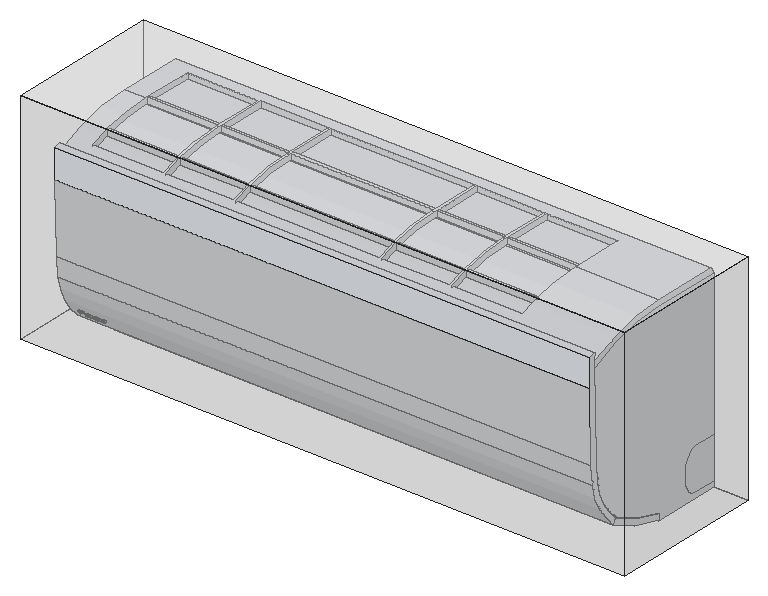
Revit family "outputfile", category 機械設備, Revit 2024
Family settings
  丸型コネクタ寸法 = 半径を使用
  パーツ タイプ = 標準
  OmniClass 番号 = 23.75.10.24.21.27.27
  OmniClass タイトル = Split System Air Conditioning Units
  作業面ベース = いいえ
  常に垂直 = はい
  ロード時にボイドで切り取り = いいえ
  注釈の向きを維持 = いいえ
  共有 = いいえ
  部屋計算ポイント = いいえ
Parameters (values of type "FTKQ35TVM")
  Description = ""
  書き出し IFC クラス(タイプ) = "IfcUnitaryEquipmentType"
  定義済み IFC タイプ(タイプ) = "AIRCONDITIONINGUNIT"
  Cost = 0
  Type Comments = ""
  Keynote = ""
  Type Image = (empty or 0)
  Assembly Code = ""
  w_wall hole = if(Width = 770.0 mm, 48.0 mm, 60.0 mm)  # 48.0 mm
  製造元 = "Daikin"
  モデル = "FTKQ35TVM"
  switch_frequency = yes
  r_Liquid Pipe Size = Liquid Pipe Size / 2  # 3.2 mm
  r_Gas Pipe Size = Gas Pipe Size / 2  # 4.75 mm
  r_Drain Pipe Size = Drain Pipe Size / 2  # 8.0 mm
  lw_powersupply [instance] = if(Width = 770.0 mm, if(or(Rear Right Connection_refrigerant, Bottom Right Connection_refrigerant), 25.0 mm, if(or(Rear Left Connection_refrigerant, Bottom Left Connection_refrigerant), 745.0 mm, 400.0 mm)), if(Width = 990.0 mm, if(or(Rear Right Connection_refrigerant, Bottom Right Connection_refrigerant), 40.0 mm, if(or(Rear Left Connection_refrigerant, Bottom Left Connection_refrigerant), 920.0 mm, 400.0 mm)), if(or(Rear Right Connection_refrigerant, Bottom Right Connection_refrigerant), 40.0 mm, if(or(Rear Left Connection_refrigerant, Bottom Left Connection_refrigerant), 920.0 mm, 400.0 mm))))  # 400.0 mm
  lw_liquidpipe [instance] = if(Width = 770.0 mm, if(or(Rear Right Connection_refrigerant, Bottom Right Connection_refrigerant), 0.0 mm, if(or(Rear Left Connection_refrigerant, Bottom Left Connection_refrigerant), 664.0 mm, 385.0 mm)), if(Width = 990.0 mm, if(or(Rear Right Connection_refrigerant, Bottom Right Connection_refrigerant), 0.0 mm, if(or(Rear Left Connection_refrigerant, Bottom Left Connection_refrigerant), 664.0 mm + (990.0 mm - 770.0 mm), 475.0 mm)), if(or(Rear Right Connection_refrigerant, Bottom Right Connection_refrigerant), 0.0 mm, if(or(Rear Left Connection_refrigerant, Bottom Left Connection_refrigerant), 664.0 mm + (990.0 mm - 770.0 mm), 475.0 mm))))  # 385.0 mm
  lw_gaspipe [instance] = if(Width = 770.0 mm, if(or(Rear Right Connection_refrigerant, Bottom Right Connection_refrigerant), 0.0 mm, if(or(Rear Left Connection_refrigerant, Bottom Left Connection_refrigerant), 675.0 mm, if(Gas Pipe Size = 12.7 mm, 345.0 mm, 335.0 mm))), if(Width = 990.0 mm, if(or(Rear Right Connection_refrigerant, Bottom Right Connection_refrigerant), 10.0 mm, if(or(Rear Left Connection_refrigerant, Bottom Left Connection_refrigerant), 890.0 mm, if(Gas Pipe Size = 15.9 mm, 410.0 mm, 400.0 mm))), if(or(Rear Right Connection_refrigerant, Bottom Right Connection_refrigerant), 10.0 mm, if(or(Rear Left Connection_refrigerant, Bottom Left Connection_refrigerant), 890.0 mm, if(Gas Pipe Size = 15.9 mm, 410.0 mm, 400.0 mm)))))  # 335.0 mm
  lw_drainpipe [instance] = if(Width = 770.0 mm, if(or(Rear Right Connection_refrigerant, Bottom Right Connection_refrigerant), 0.0 mm, if(or(Rear Left Connection_refrigerant, Bottom Left Connection_refrigerant), 770.0 mm - 48.0 mm - 48.0 mm, 440.0 mm)), if(Width = 990.0 mm, if(or(Rear Right Connection_refrigerant, Bottom Right Connection_refrigerant), 0.0 mm, if(or(Rear Left Connection_refrigerant, Bottom Left Connection_refrigerant), 675.0 mm + (990.0 mm - 770.0 mm), 435.0 mm)), if(or(Rear Right Connection_refrigerant, Bottom Right Connection_refrigerant), 0.0 mm, if(or(Rear Left Connection_refrigerant, Bottom Left Connection_refrigerant), 675.0 mm + (990.0 mm - 770.0 mm), 435.0 mm))))  # 440.0 mm
  l_powersupply_length [instance] = if(Width = 770.0 mm, if(Right Connection_refrigerant, 400.0 mm, if(Left Connection_refrigerant, 770.0 mm - 400.0 mm, if(or(Rear Left Connection_refrigerant, Rear Right Connection_refrigerant), 15.0 mm, 40.0 mm))), if(Width = 990.0 mm, if(Right Connection_refrigerant, 400.0 mm, if(Left Connection_refrigerant, 990.0 mm - 400.0 mm, if(or(Rear Left Connection_refrigerant, Rear Right Connection_refrigerant), 15.0 mm, 40.0 mm))), if(Right Connection_refrigerant, 400.0 mm, if(Left Connection_refrigerant, 990.0 mm - 400.0 mm, if(or(Rear Left Connection_refrigerant, Rear Right Connection_refrigerant), 15.0 mm, 40.0 mm)))))  # 400.0 mm
  l_liquidpipe_length [instance] = if(Width = 770.0 mm, if(Right Connection_refrigerant, 433.0 mm, if(Left Connection_refrigerant, 337.0 mm, if(or(Rear Left Connection_refrigerant, Rear Right Connection_refrigerant), 30.0 mm, 50.0 mm))), if(Width = 990.0 mm, if(Right Connection_refrigerant, 535.0 mm, if(Left Connection_refrigerant, 455.0 mm, if(or(Rear Left Connection_refrigerant, Rear Right Connection_refrigerant), 30.0 mm, 50.0 mm))), if(Right Connection_refrigerant, 535.0 mm, if(Left Connection_refrigerant, 455.0 mm, if(or(Rear Left Connection_refrigerant, Rear Right Connection_refrigerant), 30.0 mm, 50.0 mm)))))  # 433.0 mm
  l_gaspipe_length [instance] = if(Width = 770.0 mm, if(Right Connection_refrigerant, if(Gas Pipe Size = 12.7 mm, 393.0 mm, 383.0 mm), if(Left Connection_refrigerant, if(Gas Pipe Size = 12.7 mm, 770.0 mm - 393.0 mm, 770.0 mm - 383.0 mm), if(or(Rear Left Connection_refrigerant, Rear Right Connection_refrigerant), 40.0 mm, 40.0 mm))), if(Width = 990.0 mm, if(Right Connection_refrigerant, if(Gas Pipe Size = 15.9 mm, 470.0 mm, 460.0 mm), if(Left Connection_refrigerant, if(Gas Pipe Size = 15.9 mm, 990.0 mm - 470.0 mm, 990.0 mm - 460.0 mm), if(or(Rear Left Connection_refrigerant, Rear Right Connection_refrigerant), 40.0 mm, 40.0 mm))), if(Right Connection_refrigerant, if(Gas Pipe Size = 15.9 mm, 460.0 mm, 460.0 mm), if(Left Connection_refrigerant, if(Gas Pipe Size = 15.9 mm, 990.0 mm - 460.0 mm, 990.0 mm - 460.0 mm), if(or(Rear Left Connection_refrigerant, Rear Right Connection_refrigerant), 40.0 mm, 40.0 mm)))))  # 383.0 mm
  l_drainpipe_length [instance] = if(Width = 770.0 mm, if(Right Connection_refrigerant, 488.0 mm, if(Left Connection_refrigerant, 282.0 mm, if(or(Rear Left Connection_refrigerant, Rear Right Connection_refrigerant), 15.0 mm, 20.0 mm))), if(Width = 990.0 mm, if(Right Connection_refrigerant, 495.0 mm, if(Left Connection_refrigerant, 495.0 mm, if(or(Rear Left Connection_refrigerant, Rear Right Connection_refrigerant), 15.0 mm, 20.0 mm))), if(Right Connection_refrigerant, 495.0 mm, if(Left Connection_refrigerant, 495.0 mm, if(or(Rear Left Connection_refrigerant, Rear Right Connection_refrigerant), 15.0 mm, 20.0 mm)))))  # 488.0 mm
  h*** = 0.0 mm  # constant formula
  connector_voltage = Voltage_50Hz  # 230 V
  connector_powerinput = [Power Input (Cooling)]  # 1.200 kW
  connector_phase = Phase_50Hz  # 1
  angle_vertical [instance] = if(or(Bottom Left Connection_refrigerant, Bottom Right Connection_refrigerant), 0.00°, 90.00°)  # 90.00°
  angle_horizontal [instance] = if(Right Connection_refrigerant, 90.00°, if(Left Connection_refrigerant, -90.00°, if(or(Rear Left Connection_refrigerant, Rear Right Connection_refrigerant), 180.00°, 0.00°)))  # 90.00°
  Width = 770.0 mm
  Voltage_comment_60Hz = "220-230"
  Voltage_comment_50Hz = "220 - 240"
  Voltage_60Hz = 220 V
  Voltage_50Hz = 230 V
  Version = "ver.1.0"
  Unit Type = "Wall Mounted"
  Unit Mass Weight = 8.00 kg
  Unit Designation [instance] = ""
  Uniclass2015Version = "Products v1.30"
  Uniclass2015Title = "Split coil room air conditioning units"
  Uniclass2015Code = "Pr_70_65_03_86"
  URL = ""
  Total Cooling Capacity [instance] = 0.000 kW
  Sound Pressure Level_M speed (dBA) = 33
  Sound Pressure Level_L speed (dBA) = 28
  Sound Pressure Level_H speed (dBA) = 37
  Sound Power Level_H speed (dB) = 0
  Series = "Single Split_Fan Coil Unit"
  Sensible Cooling Capacity [instance] = 0.000 kW
  Refrigerant Type = "R32"
  Power Input (Cooling) = 1.200 kW
  Phase_60Hz = 1
  Phase_50Hz = 1
  Option Accessory 3 [instance] = ""
  Option Accessory 2 [instance] = ""
  Option Accessory 1 [instance] = ""
  Nominal Cooling Capacity = 3.500 kW
  Minimum Circuit Amps_60Hz = 0.0 A
  Minimum Circuit Amps_50Hz = 0.0 A
  Minimum Airflow = 402.00 m³/h
  Median Airflow = 486.00 m³/h
  Maximum Fuse Amps_60Hz = 0.0 A
  Maximum Fuse Amps_50Hz = 0.0 A
  Maximum Airflow = 576.00 m³/h
  Material_Casing = DAIKIN_ShinyWhite_Casing_indoorunit
  Load Classification = HVAC
  Liquid Pipe Size = 6.4 mm
  Link_Nested Family [instance] = ""
  IfcVersion = ""
  IfcExportType = "AIRCONDITIONINGUNIT"
  IfcExportAs = "IfcUnitaryEquipmentType"
  Height = 285.0 mm
  Heat Exchanger Type = "Cross Fin Coil"
  Gas Pipe Size = 9.5 mm
  Frequency_60Hz = 60 Hz
  Frequency_50Hz = 50 Hz
  Fan Type = "Cross Flow Fan"
  Fan Drive = "-"
  FCU Tag No. [instance] = ""
  Drain Pipe Size = 16.0 mm
  Design Supply Airflow [instance] = 0.00 m³/h
  Depth = 223.0 mm
  既定の高さ = 0.0 mm
  Cooling Entering Wet Bulb Temperature [instance] = 0.00 °C
  Cooling Entering Dry Bulb Temperature [instance] = 0.00 °C
  Cooling Ambient Wet Bulb Temperature [instance] = 0.00 °C
  Cooling Ambient Dry Bulb Temperature [instance] = 0.00 °C
  Clearance visibility [instance] = yes
  Clearance Top = 30.0 mm
  Clearance Right = 50.0 mm
  Clearance Rear = 0.0 mm
  Clearance Left = 50.0 mm
  Clearance Front = 0.0 mm
  Clearance Bottom = 0.0 mm
  Bottom Right Connection_refrigerant [instance] = no
  Bottom Left Connection_refrigerant [instance] = no
  Rear Right Connection_refrigerant [instance] = no
  Rear Left Connection_refrigerant [instance] = no
  Right Connection_refrigerant [instance] = yes
  Left Connection_refrigerant [instance] = no
Reference planes
  plane 1 "Back": y = 0
  plane 2: z = 0
  plane 3 "Center (Left/Right)": x = 0
  plane 4 "Center (Front/Back)": y = -111.5
  plane 5 "Front": y = -223
  plane 6 "Left": x = -385
  plane 7 "Right": x = 385
  plane 8 "Top": z = 0
  plane 9 "Bottom": z = -285
  plane 10: x = -435
  plane 11: x = 435
  plane 12: y = 0
  plane 13: y = -223
  plane 14: z = 30
  plane 15: z = -285
  plane 16 "lw_Piping and Wiring intake": x = 337
  plane 17 "lw_gaspipe": x = 2
  plane 18 "lw_liquidpipe": x = -48
  plane 19 "lw_drainpipe": x = -103
  plane 20 "lh_drainpipe": z = -265
  plane 21 "lh_liquidpipe": z = -235
  plane 22 "lh_gaspipe": z = -245
  plane 23 "ld_drainpipe": y = -15
  plane 24 "ld_liquidpipe": y = -30
  plane 25 "ld_gaspipe": y = -40
  plane 26 "lw_powersupply": x = -15
Dimensions and locks
  equal spacing: plane 6 "Left", plane 3 "Center (Left/Right)", plane 7 "Right"
  "Width": plane 6 "Left" to plane 7 "Right"
  equal spacing: plane 5 "Front", plane 4 "Center (Front/Back)", plane 1 "Back"
  "Depth": plane 5 "Front" to plane 1 "Back"
  "Height": plane 8 "Top" to plane 9 "Bottom"
  "Clearance Rear": plane 12 to plane 1 "Back"
  "Clearance Front": plane 13 to plane 5 "Front"
  "Clearance Top": plane 14 to plane 8 "Top"
  "Clearance Bottom": plane 9 "Bottom" to plane 15
  "w_wall hole": plane 16 "lw_Piping and Wiring intake" to plane 7 "Right"
  "lw_gaspipe": plane 17 "lw_gaspipe" to plane 16 "lw_Piping and Wiring intake"
  "lw_liquidpipe": plane 18 "lw_liquidpipe" to plane 16 "lw_Piping and Wiring intake"
  "lw_drainpipe": plane 19 "lw_drainpipe" to plane 16 "lw_Piping and Wiring intake"
  locked: plane 20 "lh_drainpipe" to plane 9 "Bottom" at 20
  locked: plane 21 "lh_liquidpipe" to plane 9 "Bottom" at 50
  locked: plane 22 "lh_gaspipe" to plane 9 "Bottom" at 40
  locked: plane 23 "ld_drainpipe" to plane 1 "Back" at 15
  locked: plane 1 "Back" to plane 24 "ld_liquidpipe" at 30
  locked: plane 1 "Back" to plane 25 "ld_gaspipe" at 40
  "lw_powersupply": plane 26 "lw_powersupply" to plane 7 "Right"
  "Clearance Left": plane 10 to plane 6 "Left"
  "Clearance Right": plane 7 "Right" to plane 11
  aligned and locked: level to plane 2
  aligned and locked: plane 12 to nested 1
  aligned and locked: nested 1 to plane 13
  aligned and locked: plane 10 to nested 1
  aligned and locked: plane 11 to nested 1
  aligned and locked: plane 15 to nested 1
  aligned and locked: plane 14 to nested 1
  aligned and locked: plane 17 "lw_gaspipe" to nested 2
  aligned and locked: nested 2 to plane 25 "ld_gaspipe"
  aligned and locked: plane 18 "lw_liquidpipe" to nested 3
  aligned and locked: nested 3 to plane 24 "ld_liquidpipe"
  aligned and locked: plane 19 "lw_drainpipe" to nested 4
  aligned and locked: nested 4 to plane 23 "ld_drainpipe"
  aligned and locked: nested 5 to plane 23 "ld_drainpipe"
  aligned and locked: plane 26 "lw_powersupply" to nested 5
  aligned and locked: level to plane 8 "Top"
  aligned and locked: plane 3 "Center (Left/Right)" to nested 6
  aligned and locked: plane 1 "Back" to nested 6
  aligned and locked: plane 8 "Top" to nested 6
Nested families
  nested 1: "daikin_clearancespace" at (0, -111.5, -127.381), show <- "Clearance visibility", visible <- "Clearance visibility", Link_Nested Family <- "Link_Nested Family", type "daikin_clearancespace"
    with width 870.0 mm, show yes, height 315.0 mm, depth 223.0 mm, Link_Nested Family ""
  nested 2: "daikin_connector_rotate3" at (2, -40, -245), angle_vertical <- "angle_vertical", angle_horizontal <- "angle_horizontal", length <- "l_gaspipe_length", radius <- "r_Gas Pipe Size", type "daikin_connector_rotate3"
    with show no, radius 4.75 mm, length 383.0 mm, angle_vertical 90.00°, angle_horizontal 90.00°
  nested 3: "daikin_connector_rotate3" at (-48, -30, -235), angle_vertical <- "angle_vertical", angle_horizontal <- "angle_horizontal", radius <- "r_Liquid Pipe Size", length <- "l_liquidpipe_length", type "daikin_connector_rotate3"
    with show no, radius 3.2 mm, length 433.0 mm, angle_vertical 90.00°, angle_horizontal 90.00°
  nested 4: "daikin_connector_rotate3" at (-103, -15, -265), angle_vertical <- "angle_vertical", angle_horizontal <- "angle_horizontal", length <- "l_drainpipe_length", radius <- "r_Drain Pipe Size", type "daikin_connector_rotate3"
    with show no, radius 8.0 mm, length 488.0 mm, angle_vertical 90.00°, angle_horizontal 90.00°
  nested 5: "daikin_connector_rotate3" at (-15, -15, -245), angle_vertical <- "angle_vertical", angle_horizontal <- "angle_horizontal", length <- "l_powersupply_length", type "daikin_connector_rotate3"
    with show no, radius 10.0 mm, length 400.0 mm, angle_vertical 90.00°, angle_horizontal 90.00°
  nested 6: "DAIKIN_indoorunit_FTKQ-TVM" at (-31, 0, 0), type "FTKQ-TVM"
    with Width=990 no, Width=770 yes, Width 770.0 mm, WALL HOLE-R 48.0 mm, WALL HOLE Size 65.0 mm, Height 285.0 mm
Connectors
  piping at (385, -40, -245), diameter 9.5, driven by "r_Gas Pipe Size"
    settings: on nested 2, index 1, connector inside diameter 609.6 mm, connector length 0.0 mm, flow factor 0, pipe flow 0.00 m³/h, pressure drop 0.0 Pa, fitting loss kfactor 0, connector angle 0.00°, fixture units 0, engagement length 0.0 mm, angle of deflection 0.00°, flow configuration 1, flow direction 2, fitting loss method 0, system type 29, joint type 0, gender type 0, connector reference index -1, connector utility 0, adjustable connector no, is connector primary yes, connector description "Refrigerant Gas Piping"
  piping at (385, -30, -235), diameter 6.4, driven by "r_Liquid Pipe Size"
    settings: on nested 3, index 2, connector inside diameter 609.6 mm, connector length 0.0 mm, flow factor 0, pipe flow 0.00 m³/h, pressure drop 0.0 Pa, fitting loss kfactor 0, connector angle 0.00°, fixture units 0, engagement length 0.0 mm, angle of deflection 0.00°, flow configuration 1, flow direction 1, fitting loss method 0, system type 29, joint type 0, gender type 0, connector reference index -1, connector utility 0, adjustable connector no, is connector primary no, connector description "Refrigerant Liquid Piping"
  piping at (385, -15, -265), diameter 16, driven by "r_Drain Pipe Size"
    settings: on nested 4, index 3, connector inside diameter 609.6 mm, connector length 0.0 mm, flow factor 0, pipe flow 0.00 m³/h, pressure drop 0.0 Pa, fitting loss kfactor 0, connector angle 0.00°, fixture units 0, engagement length 0.0 mm, angle of deflection 0.00°, flow configuration 1, flow direction 2, fitting loss method 4, system type 16, joint type 0, gender type 0, connector reference index -1, connector utility 0, adjustable connector no, is connector primary no, connector description "Condensate Drain Piping"
  electrical at (385, -15, -245), driven by "Load Classification", driven by "connector_voltage", driven by "connector_phase", driven by "connector_powerinput"
    settings: on nested 5, index 4, voltage 230 V, apparent load 1200 VA, apparent load phase1 0 VA, apparent load phase2 0 VA, apparent load phase3 0 VA, power factor 1, load classification "HVAC", number of poles 1, system type 30, power factor state 1, is connector primary yes, connector utility no, sub classification motor no, connector description "Power Supply"
Definition of nested family "daikin_clearancespace"
  Parameters (values of type "daikin_clearancespace")
    Description = "daikin_clearancespace"
    width [instance] = 1823.963 mm
    show [instance] = yes
    material = none
    height [instance] = 1359.762 mm
    depth [instance] = 880.0 mm
    Default Elevation = 0.0 mm
    Link_Nested Family [instance] = ""
  Reference planes
    plane 1 "Center (Front/Back)": y = 0
    plane 2 "Center (Elevation)": z = -0.119
    plane 3 "Center (Left/Right)": x = 0
    plane 4: y = 440
    plane 5: y = -440
    plane 6 "Right": x = 911.982
    plane 7 "Left": x = -911.982
    plane 8 "Top": z = 679.762
    plane 9 "Bottom": z = -680
  Forms (mm)
    Extrusion 1, solid, material <- "material", visible <- "show"
      sketch origin (0, 0, 0) x (1, 0, 0) y (0, 1, 0)
        loop
          line (-911.982, 440) -> (-911.982, -440) -> (911.982, -440) -> (911.982, 440) -> (-911.982, 440)
      from -680 to 679.762
  Lines and regions (mm)
    symbolic lines, visible <- "show"
      curve 1: line (911.982, 440, 0) -> (-911.982, 440, 0)
      curve 2: line (-911.982, 440, 0) -> (-911.982, -440, 0)
      curve 3: line (-911.982, -440, 0) -> (911.982, -440, 0)
      curve 4: line (911.982, -440, 0) -> (911.982, 440, 0)
      curve 5: line (911.982, 0, 679.762) -> (-911.982, 0, 679.762)
      curve 6: line (911.982, 0, -680) -> (911.982, 0, 679.762)
      curve 7: line (-911.982, 0, -680) -> (911.982, 0, -680)
      curve 8: line (-911.982, 0, 679.762) -> (-911.982, 0, -680)
      curve 9: line (0, 440, 679.762) -> (0, -440, 679.762)
      curve 10: line (0, -440, 679.762) -> (0, -440, -680)
      curve 11: line (0, 440, -680) -> (0, 440, 679.762)
      curve 12: line (0, -440, -680) -> (0, 440, -680)
  Dimensions and locks
    "width": plane 7 "Left" to plane 6 "Right"
    "depth": plane 4 to plane 5
    "height": plane 8 "Top" to plane 9 "Bottom"
    equal spacing: plane 7 "Left", plane 3 "Center (Left/Right)", plane 6 "Right"
    equal spacing: plane 4, plane 1 "Center (Front/Back)", plane 5
    equal spacing: plane 8 "Top", plane 2 "Center (Elevation)", plane 9 "Bottom"
    aligned and locked: level to plane 2 "Center (Elevation)"
    aligned and locked: Extrusion 1 sketch curve to plane 4
    aligned and locked: plane 7 "Left" to Extrusion 1 sketch curve
    aligned and locked: Extrusion 1 sketch curve to plane 5
    aligned and locked: Extrusion 1 sketch curve to plane 6 "Right"
    aligned and locked: plane 8 "Top" to Extrusion 1
    aligned and locked: curve 1 to Extrusion 1
    aligned and locked: curve 2 to Extrusion 1
    aligned and locked: curve 3 to Extrusion 1
    aligned and locked: curve 4 to Extrusion 1
    aligned and locked: curve 5 to Extrusion 1
    aligned and locked: curve 6 to Extrusion 1
    aligned and locked: curve 7 to Extrusion 1
    aligned and locked: curve 8 to Extrusion 1
    aligned and locked: curve 9 to Extrusion 1
    aligned and locked: curve 10 to Extrusion 1
    aligned and locked: curve 11 to Extrusion 1
    aligned and locked: curve 12 to Extrusion 1
    aligned and locked: Extrusion 1 to plane 9 "Bottom"
Definition of nested family "DAIKIN_indoorunit_FTKQ-TVM"
  Parameters (values of type "FTKF-TVMA")
    Width=990 = Width = 990.0 mm  # yes
    Width=770 = Width = 770.0 mm  # no
    Width = 990.0 mm
    WALL HOLE-R = if(Width = 770.0 mm, 48.0 mm, 60.0 mm)  # 60.0 mm
    WALL HOLE Size = if(Width = 770.0 mm, 65.0 mm, 80.0 mm)  # 80.0 mm
    Material_Casing = none
    Height = if(Width = 770.0 mm, 285.0 mm, 295.0 mm)  # 295.0 mm
    Default Elevation = 0.0 mm
  Reference planes
    plane 1 "Center (Front/Back)": y = 0
    plane 2 "reference_level": z = 0
    plane 3 "Center (Left/Right)": x = 31
    plane 4: x = -464
    plane 5: x = 526
    plane 6: z = -295
  Forms (mm)
    Extrusion 1, solid, material <- "Material_Casing", visible <- "Width=770"
      sketch origin (29, 0, 0) x (0, 1, 0) y (0, 0, 1)
        loop
          line (-5, 0) -> (-98, 0)
          arc (-98, 0) -> (-157.611, -7.211) -> (-213.783, -28.427) r 250
          arc (-213.783, -28.427) -> (-213.842, -32.972) -> (-213.892, -37.516) r 2191
          arc (-213.892, -37.516) -> (-157.832, -15.495) -> (-98.07, -8) r 242
          line (-98.07, -8) -> (0, -8) -> (-5, 0)
      from -383 to 387
    Extrusion 2, solid, material <- "Material_Casing", visible <- "Width=770"
      sketch origin (416, 1296.25, 1200) x (0, 1, 0) y (0, 0, 1)
        loop
          line (-1472.998, -1446.91) -> (-1476.998, -1453.839)
          arc (-1476.998, -1453.839) -> (-1437.481, -1472.422) -> (-1395.25, -1483.538) r 240
          line (-1395.25, -1483.538) -> (-1395.25, -1475.422)
          arc (-1395.25, -1475.422) -> (-1435.407, -1464.663) -> (-1472.998, -1446.91) r 232
      from 0 to -47.5
    Extrusion 3, solid, material <- "Material_Casing", visible <- "Width=770"
      sketch origin (29, 0, 0) x (0, 1, 0) y (0, 0, 1)
        loop
          arc (-223, -60.455) -> (-222.414, -110.646) -> (-220.656, -160.81) r 2149.92
          arc (-220.656, -160.81) -> (-219.65, -174.299) -> (-217.853, -187.706) r 229.911
          arc (-217.853, -187.706) -> (-205.371, -223.594) -> (-181.517, -253.17) r 111
          line (-181.517, -253.17) -> (-177.429, -246.093)
          arc (-177.429, -246.093) -> (-198.77, -218.989) -> (-209.965, -186.36) r 103
          arc (-209.965, -186.36) -> (-211.681, -173.586) -> (-212.651, -160.735) r 221.844
          arc (-212.651, -160.735) -> (-214.739, -93.233) -> (-214.74, -25.699) r 2186.828
          arc (-214.74, -25.699) -> (-214.671, -21.467) -> (-214.594, -17.235) r 2192
          line (-214.594, -17.235) -> (-223, -19.961) -> (-223, -60.455)
      from -383 to 387
    Extrusion 4, solid, material <- "Material_Casing", visible <- "Width=770"
      sketch origin (29, 0, -20) x (0, 1, 0) y (0, 0, 1)
        loop
          line (0, -265) -> (0, 12) -> (-98.07, 12)
          arc (-98.07, 12) -> (-157.832, 4.505) -> (-213.892, -17.516) r 242
          arc (-213.892, -17.516) -> (-213.638, -79.114) -> (-211.653, -140.681) r 2191
          arc (-211.653, -140.681) -> (-210.685, -153.501) -> (-208.973, -166.243) r 221
          arc (-208.973, -166.243) -> (-197.471, -199.282) -> (-175.482, -226.491) r 102
          arc (-175.482, -226.491) -> (-138.004, -244.019) -> (-98, -254.579) r 231
          line (-98, -254.579) -> (-98, -265) -> (0, -265)
      from -383 to 387
    Extrusion 5, solid, material <- "Material_Casing", visible <- "Width=770"
      sketch origin (-354, 1296.25, 1200) x (0, 1, 0) y (0, 0, 1)
        loop
          line (-1472.998, -1446.91) -> (-1476.998, -1453.839)
          arc (-1476.998, -1453.839) -> (-1437.481, -1472.422) -> (-1395.25, -1483.538) r 240
          line (-1395.25, -1483.538) -> (-1395.25, -1475.422)
          arc (-1395.25, -1475.422) -> (-1435.407, -1464.663) -> (-1472.998, -1446.91) r 232
      from 47 to 0
    Extrusion 6, solid, material <- "Material_Casing", visible <- "Width=770"
      sketch origin (416, 1296.25, 1200) x (0, 1, 0) y (0, 0, 1)
        loop
          line (-1472.998, -1446.91) -> (-1476.998, -1453.839)
          arc (-1476.998, -1453.839) -> (-1443.437, -1470.168) -> (-1407.75, -1481.097) r 240
          line (-1407.75, -1481.097) -> (-1407.75, -1472.894)
          arc (-1407.75, -1472.894) -> (-1441.363, -1462.385) -> (-1472.998, -1446.91) r 232
      from -116.993 to -48.493
    Extrusion 7, solid, material <- "Material_Casing", visible <- "Width=770"
      sketch origin (416, 1296.25, 1200) x (0, 1, 0) y (0, 0, 1)
        loop
          line (-1472.998, -1446.91) -> (-1476.998, -1453.839)
          arc (-1476.998, -1453.839) -> (-1443.437, -1470.168) -> (-1407.75, -1481.097) r 240
          line (-1407.75, -1481.097) -> (-1407.75, -1472.894)
          arc (-1407.75, -1472.894) -> (-1441.363, -1462.385) -> (-1472.998, -1446.91) r 232
      from -717 to -121.993
    Extrusion 8, void
      sketch origin (31, 0, -235) x (1, 0, 0) y (0, 1, 0)
        loop
          line (-252.674, -22.316) -> (-354.941, -22.316) -> (-354.941, -91.341) -> (-252.674, -91.341) -> (-252.674, -22.316)
        loop
          line (-249.341, -91.341) -> (-151.574, -91.341) -> (-151.574, -22.316) -> (-249.341, -22.316) -> (-249.341, -91.341)
        loop
          line (58.309, -22.316) -> (-148.309, -22.316) -> (-148.309, -91.341) -> (58.309, -91.341) -> (58.309, -22.316)
        loop
          line (61.689, -22.316) -> (61.689, -91.341) -> (159.457, -91.341) -> (159.457, -22.316) -> (61.689, -22.316)
        loop
          line (162.789, -22.316) -> (162.789, -91.341) -> (265.057, -91.341) -> (265.057, -22.316) -> (162.789, -22.316)
        loop
          line (-354.941, -94.659) -> (-354.941, -165.259) -> (-252.674, -165.259) -> (-252.674, -94.659) -> (-354.941, -94.659)
        loop
          line (-249.341, -94.659) -> (-249.341, -165.259) -> (-151.574, -165.259) -> (-151.574, -94.659) -> (-249.341, -94.659)
        loop
          line (-148.309, -94.659) -> (-148.309, -165.259) -> (58.309, -165.259) -> (58.309, -94.659) -> (-148.309, -94.659)
        loop
          line (61.689, -94.659) -> (61.689, -165.259) -> (159.457, -165.259) -> (159.457, -94.659) -> (61.689, -94.659)
        loop
          line (162.789, -94.659) -> (162.789, -165.259) -> (265.057, -165.259) -> (265.057, -94.659) -> (162.789, -94.659)
        loop
          line (-354.941, -167.382) -> (-354.941, -192.681) -> (-252.674, -192.681) -> (-252.674, -167.382) -> (-354.941, -167.382)
        loop
          line (-249.341, -167.382) -> (-249.341, -192.681) -> (-151.574, -192.681) -> (-151.574, -167.382) -> (-249.341, -167.382)
        loop
          line (-148.309, -167.382) -> (-148.309, -192.681) -> (58.309, -192.681) -> (58.309, -167.382) -> (-148.309, -167.382)
        loop
          line (159.457, -167.382) -> (61.689, -167.382) -> (61.689, -192.681) -> (159.457, -192.681) -> (159.457, -167.382)
        loop
          line (265.057, -167.382) -> (162.789, -167.382) -> (162.789, -192.681) -> (265.057, -192.681) -> (265.057, -167.382)
      from 201.638 to 250
    Extrusion 9, solid, material <- "Material_Casing"
      sketch origin (31, 0, 0) x (1, 0, 0) y (0, 0, 1)
        loop
          circle (435, -250.5) r 40
        loop
          circle (-447, -250.5) r 40
      from 0 to 5
    Extrusion 10, solid, material <- "Material_Casing", visible <- "Width=770"
      sketch origin (416, 1296.25, 1200) x (0, -1, 0) y (0, 0, 1)
        loop
          line (1326.25, -1417) -> (1296.25, -1417) -> (1296.25, -1477) -> (1326.25, -1477)
          arc (1326.25, -1477) -> (1340.393, -1471.142) -> (1346.25, -1457) r 20
          line (1346.25, -1457) -> (1346.25, -1437)
          arc (1346.25, -1437) -> (1340.393, -1422.858) -> (1326.25, -1417) r 20
      from 0 to 5
    Extrusion 11, solid, material <- "Material_Casing", visible <- "Width=770"
      sketch origin (-354, 1296.25, 1200) x (0, 1, 0) y (0, 0, 1)
        loop
          line (-1296.25, -1417) -> (-1326.25, -1417)
          arc (-1326.25, -1417) -> (-1340.393, -1422.858) -> (-1346.25, -1437) r 20
          line (-1346.25, -1437) -> (-1346.25, -1457)
          arc (-1346.25, -1457) -> (-1340.393, -1471.142) -> (-1326.25, -1477) r 20
          line (-1326.25, -1477) -> (-1296.25, -1477) -> (-1296.25, -1417)
      from 0 to 5
    Extrusion 12, solid, material <- "Material_Casing", visible <- "Width=770"
      sketch origin (31, 0, -285) x (-1, 0, 0) y (0, -1, 0)
        loop
          line (-314, 0) -> (-314, 30)
          arc (-314, 30) -> (-319.858, 44.142) -> (-334, 50) r 20
          line (-334, 50) -> (-354, 50)
          arc (-354, 50) -> (-368.142, 44.142) -> (-374, 30) r 20
          line (-374, 30) -> (-374, 0) -> (-314, 0)
        loop
          line (374, 0) -> (374, 30)
          arc (374, 30) -> (368.142, 44.142) -> (354, 50) r 20
          line (354, 50) -> (334, 50)
          arc (334, 50) -> (319.858, 44.142) -> (314, 30) r 20
          line (314, 30) -> (314, 0) -> (374, 0)
      from 0 to 5
    Extrusion 13, solid, material <- "Material_Casing", visible <- "Width=990"
      sketch origin (31, 0, 0) x (0, 1, 0) y (0, 0, 1)
        loop
          line (-5, 0) -> (-138, 0)
          arc (-138, 0) -> (-197.611, -7.211) -> (-253.783, -28.427) r 250
          arc (-253.783, -28.427) -> (-253.838, -32.687) -> (-253.886, -36.946) r 2191
          arc (-253.886, -36.946) -> (-197.73, -15.346) -> (-138.014, -8) r 246.393
          line (-138.014, -8) -> (0, -8) -> (-5, 0)
      from -495 to 495
    Extrusion 14, solid, material <- "Material_Casing", visible <- "Width=990"
      sketch origin (418, 1296.25, 1200) x (0, 1, 0) y (0, 0, 1)
        loop
          arc (-1515.208, -1454.149) -> (-1506.856, -1460.599) -> (-1497.925, -1466.219) r 110
          arc (-1497.925, -1466.219) -> (-1445.718, -1487.493) -> (-1389.844, -1494.995) r 223
          line (-1389.844, -1494.995) -> (-1389.844, -1486.086) -> (-1404.386, -1486.086)
          arc (-1404.386, -1486.086) -> (-1449.542, -1477.46) -> (-1491.818, -1459.402) r 214.289
          arc (-1491.818, -1459.402) -> (-1501.056, -1453.541) -> (-1509.606, -1446.715) r 101
          line (-1509.606, -1446.715) -> (-1515.208, -1454.149)
      from 108 to 57.5
    Extrusion 15, solid, material <- "Material_Casing", visible <- "Width=990"
      sketch origin (31, 0, 0) x (0, 1, 0) y (0, 0, 1)
        loop
          line (-263, -19.962) -> (-263, -61.6)
          arc (-263, -61.6) -> (-262.414, -110.219) -> (-260.656, -158.81) r 2017.341
          arc (-260.656, -158.81) -> (-255.648, -191.935) -> (-244.041, -223.362) r 164.725
          arc (-244.041, -223.362) -> (-233.569, -239.793) -> (-219.717, -253.495) r 87.379
          line (-219.717, -253.495) -> (-214.706, -246.846)
          arc (-214.706, -246.846) -> (-229.564, -230.029) -> (-240.385, -210.371) r 102
          arc (-240.385, -210.371) -> (-249.049, -182.962) -> (-252.848, -154.467) r 165.789
          arc (-252.848, -154.467) -> (-254.771, -90.102) -> (-254.74, -25.708) r 2122.533
          arc (-254.74, -25.708) -> (-254.671, -21.469) -> (-254.594, -17.23) r 2192
          line (-254.594, -17.23) -> (-263, -19.962)
      from -495 to 495
    Extrusion 16, void
      sketch origin (33, 0, 0) x (1, 0, 0) y (0, 1, 0)
        loop
          line (-466.909, -22.316) -> (-466.909, -111.341) -> (-366.303, -111.341) -> (-366.303, -22.316) -> (-466.909, -22.316)
        loop
          line (-362.71, -22.316) -> (-362.71, -111.341) -> (-262.103, -111.341) -> (-262.103, -22.316) -> (-362.71, -22.316)
        loop
          line (-258.51, -22.316) -> (-258.51, -111.341) -> (-157.904, -111.341) -> (-157.904, -22.316) -> (-258.51, -22.316)
        loop
          line (-154.31, -22.316) -> (-154.31, -111.341) -> (-53.704, -111.341) -> (-53.704, -22.316) -> (-154.31, -22.316)
        loop
          line (-50.11, -22.316) -> (-50.11, -111.341) -> (50.496, -111.341) -> (50.496, -22.316) -> (-50.11, -22.316)
        loop
          line (54.089, -22.316) -> (54.089, -111.341) -> (154.696, -111.341) -> (154.696, -22.316) -> (54.089, -22.316)
        loop
          line (158.289, -22.316) -> (158.289, -111.341) -> (258.895, -111.341) -> (258.895, -22.316) -> (158.289, -22.316)
        loop
          line (262.489, -22.316) -> (262.489, -111.341) -> (363.095, -111.341) -> (363.095, -22.316) -> (262.489, -22.316)
        loop
          line (-466.909, -114.459) -> (-466.909, -185.059) -> (-366.303, -185.059) -> (-366.303, -114.459) -> (-466.909, -114.459)
        loop
          line (-362.71, -114.459) -> (-362.71, -185.059) -> (-262.103, -185.059) -> (-262.103, -114.459) -> (-362.71, -114.459)
        loop
          line (-258.51, -114.459) -> (-258.51, -185.059) -> (-157.904, -185.059) -> (-157.904, -114.459) -> (-258.51, -114.459)
        loop
          line (-154.31, -114.459) -> (-154.31, -185.059) -> (-53.704, -185.059) -> (-53.704, -114.459) -> (-154.31, -114.459)
        loop
          line (-50.11, -114.459) -> (-50.11, -185.059) -> (50.496, -185.059) -> (50.496, -114.459) -> (-50.11, -114.459)
        loop
          line (54.089, -114.459) -> (54.089, -185.059) -> (154.696, -185.059) -> (154.696, -114.459) -> (54.089, -114.459)
        loop
          line (158.289, -114.459) -> (158.289, -185.059) -> (258.895, -185.059) -> (258.895, -114.459) -> (158.289, -114.459)
        loop
          line (262.489, -114.459) -> (262.489, -185.059) -> (363.095, -185.059) -> (363.095, -114.459) -> (262.489, -114.459)
        loop
          line (-466.909, -187.382) -> (-466.909, -232.681) -> (-366.303, -232.681) -> (-366.303, -187.382) -> (-466.909, -187.382)
        loop
          line (-362.71, -187.382) -> (-362.71, -232.681) -> (-262.103, -232.681) -> (-262.103, -187.382) -> (-362.71, -187.382)
        loop
          line (-258.51, -187.382) -> (-258.51, -232.681) -> (-157.904, -232.681) -> (-157.904, -187.382) -> (-258.51, -187.382)
        loop
          line (-154.31, -187.382) -> (-154.31, -232.681) -> (-53.704, -232.681) -> (-53.704, -187.382) -> (-154.31, -187.382)
        loop
          line (-50.11, -187.382) -> (-50.11, -232.681) -> (50.496, -232.681) -> (50.496, -187.382) -> (-50.11, -187.382)
        loop
          line (54.089, -187.382) -> (54.089, -232.681) -> (154.696, -232.681) -> (154.696, -187.382) -> (54.089, -187.382)
        loop
          line (158.289, -187.382) -> (158.289, -232.681) -> (258.895, -232.681) -> (258.895, -187.382) -> (158.289, -187.382)
        loop
          line (262.489, -187.382) -> (262.489, -232.681) -> (363.095, -232.681) -> (363.095, -187.382) -> (262.489, -187.382)
      from -40.013 to 47.268
    Extrusion 17, solid, material <- "Material_Casing", visible <- "Width=990"
      sketch origin (-356, 1296.25, 1200) x (0, 1, 0) y (0, 0, -1)
        loop
          line (-1515.208, 1454.149) -> (-1509.606, 1446.715)
          arc (-1509.606, 1446.715) -> (-1501.056, 1453.541) -> (-1491.818, 1459.402) r 101
          arc (-1491.818, 1459.402) -> (-1449.542, 1477.46) -> (-1404.386, 1486.086) r 214.289
          line (-1404.386, 1486.086) -> (-1389.844, 1486.086) -> (-1389.844, 1494.995)
          arc (-1389.844, 1494.995) -> (-1445.718, 1487.493) -> (-1497.925, 1466.219) r 223
          arc (-1497.925, 1466.219) -> (-1506.856, 1460.599) -> (-1515.208, 1454.149) r 110
      from 108 to 61
    Extrusion 18, solid, material <- "Material_Casing", visible <- "Width=990"
      sketch origin (418, 1296.25, 1200) x (0, 1, 0) y (0, 0, 1)
        loop
          arc (-1515.208, -1454.149) -> (-1506.856, -1460.599) -> (-1497.925, -1466.219) r 110
          arc (-1497.925, -1466.219) -> (-1463.185, -1482.066) -> (-1426.25, -1491.755) r 223
          line (-1426.25, -1491.755) -> (-1426.25, -1483.166)
          arc (-1426.25, -1483.166) -> (-1460.008, -1473.969) -> (-1491.818, -1459.402) r 214.289
          arc (-1491.818, -1459.402) -> (-1501.056, -1453.541) -> (-1509.606, -1446.715) r 101
          line (-1509.606, -1446.715) -> (-1515.208, -1454.149)
      from 56.5 to -36.993
    Extrusion 19, solid, material <- "Material_Casing", visible <- "Width=990"
      sketch origin (418, 1296.25, 1200) x (0, 1, 0) y (0, 0, 1)
        loop
          arc (-1426.25, -1483.166) -> (-1443.442, -1479.224) -> (-1460.25, -1473.881) r 214.289
          line (-1460.25, -1473.881) -> (-1460.25, -1483.089)
          arc (-1460.25, -1483.089) -> (-1443.421, -1488.091) -> (-1426.25, -1491.755) r 223
          line (-1426.25, -1491.755) -> (-1426.25, -1483.166)
      from -43.493 to -828.893
    Extrusion 20, solid, material <- "Material_Casing", visible <- "Width=990"
      sketch origin (418, 1296.25, 1200) x (0, 1, 0) y (0, 0, 1)
        loop
          arc (-1515.208, -1454.149) -> (-1506.856, -1460.599) -> (-1497.925, -1466.219) r 110
          arc (-1497.925, -1466.219) -> (-1479.479, -1475.527) -> (-1460.25, -1483.089) r 223
          line (-1460.25, -1483.089) -> (-1460.25, -1473.881)
          arc (-1460.25, -1473.881) -> (-1476.328, -1467.282) -> (-1491.818, -1459.402) r 214.289
          arc (-1491.818, -1459.402) -> (-1501.056, -1453.541) -> (-1509.606, -1446.715) r 101
          line (-1509.606, -1446.715) -> (-1515.208, -1454.149)
      from -43.493 to -828.893
    Extrusion 21, solid, material <- "Material_Casing", visible <- "Width=990"
      sketch origin (31, 0, -30) x (0, 1, 0) y (0, 0, 1)
        loop
          line (0, 22) -> (-138.014, 22)
          arc (-138.014, 22) -> (-197.73, 14.654) -> (-253.886, -6.946) r 246.393
          arc (-253.886, -6.946) -> (-253.682, -65.635) -> (-251.855, -124.295) r 2120.935
          arc (-251.855, -124.295) -> (-248.086, -152.682) -> (-239.461, -179.988) r 164.789
          arc (-239.461, -179.988) -> (-228.903, -199.231) -> (-214.437, -215.738) r 101
          line (-214.437, -215.738) -> (-212.406, -216.221)
          arc (-212.406, -216.221) -> (-204.07, -222.837) -> (-195.079, -228.53) r 100
          arc (-195.079, -228.53) -> (-145.557, -248.629) -> (-92.593, -255.785) r 213.289
          line (-92.593, -255.785) -> (-92.593, -265) -> (0, -265) -> (0, 22)
      from -495 to 495
    Extrusion 22, solid, material <- "Material_Casing", visible <- "Width=990"
      sketch origin (526, 1296.25, 1200) x (0, -1, 0) y (0, 0, 1)
        loop
          line (1326.25, -1427.035) -> (1296.25, -1427.035) -> (1296.25, -1487.035) -> (1326.25, -1487.035)
          arc (1326.25, -1487.035) -> (1340.393, -1481.177) -> (1346.25, -1467.035) r 20
          line (1346.25, -1467.035) -> (1346.25, -1447.035)
          arc (1346.25, -1447.035) -> (1340.393, -1432.892) -> (1326.25, -1427.035) r 20
      from 0 to 5
    Extrusion 23, solid, material <- "Material_Casing", visible <- "Width=990"
      sketch origin (-459, 1296.25, 1200) x (0, -1, 0) y (0, 0, 1)
        loop
          line (1326.25, -1427.035) -> (1296.25, -1427.035) -> (1296.25, -1487.035) -> (1326.25, -1487.035)
          arc (1326.25, -1487.035) -> (1340.393, -1481.177) -> (1346.25, -1467.035) r 20
          line (1346.25, -1467.035) -> (1346.25, -1447.035)
          arc (1346.25, -1447.035) -> (1340.393, -1432.892) -> (1326.25, -1427.035) r 20
      from 0 to 5
    Extrusion 24, solid, material <- "Material_Casing", visible <- "Width=990"
      sketch origin (31, 200, -295) x (-1, 0, 0) y (0, -1, 0)
        loop
          line (469, 200) -> (469, 230)
          arc (469, 230) -> (463.142, 244.142) -> (449, 250) r 20
          line (449, 250) -> (429, 250)
          arc (429, 250) -> (414.858, 244.142) -> (409, 230) r 20
          line (409, 230) -> (409, 200) -> (469, 200)
        loop
          line (-469, 200) -> (-409, 200) -> (-409, 230)
          arc (-409, 230) -> (-414.858, 244.142) -> (-429, 250) r 20
          line (-429, 250) -> (-449, 250)
          arc (-449, 250) -> (-463.142, 244.142) -> (-469, 230) r 20
          line (-469, 230) -> (-469, 200)
      from 0 to 5
  Cuts and joins
    Extrusion 8 cuts Extrusion 1
    Extrusion 16 cuts Extrusion 13
  Lines and regions (mm)
    reference lines
      curve 1: line (-523, -201.911, -229.404) -> (-523, -193.542, -239.977)
      curve 2: line (-523, -240.779, -229.404) -> (-523, -232.411, -239.977)
  Dimensions and locks
    locked: Extrusion 10 sketch curve to Extrusion 10 sketch curve at 60
    locked: Extrusion 10 sketch curve to Extrusion 10 sketch curve at 50
    locked: Extrusion 12 sketch curve to Extrusion 12 sketch curve at 60  (x2)
    locked: Extrusion 12 sketch curve to Extrusion 12 sketch curve at 50
    equal spacing: plane 5, plane 3 "Center (Left/Right)", plane 4
    "Width": plane 5 to plane 4
    locked: Extrusion 9 sketch curve to plane 4 at 48
    "WALL HOLE-R": plane 5 to Extrusion 9 sketch curve
    "Height": plane 2 "reference_level" to plane 6
    locked: Extrusion 9 sketch curve to plane 6 at 44.5  (x2)
    locked: Extrusion 15 to nested 2 at 15
    locked: Extrusion 22 sketch curve to Extrusion 22 sketch curve at 60
    locked: Extrusion 22 sketch curve to Extrusion 22 sketch curve at 50
    locked: Extrusion 23 sketch curve to Extrusion 23 sketch curve at 60
    locked: Extrusion 23 sketch curve to Extrusion 23 sketch curve at 50
    locked: Extrusion 24 sketch curve to Extrusion 24 sketch curve at 60  (x2)
    locked: Extrusion 24 sketch curve to Extrusion 24 sketch curve at 50  (x2)
    "WALL HOLE Size": diameter of Extrusion 9 sketch curve  (x2)
    aligned and locked: level to plane 2 "reference_level"
    aligned and locked: nested 1 to curve 1
    aligned and locked: Extrusion 11 sketch curve to Extrusion 10  (x4)
    aligned and locked: Extrusion 12 sketch curve to Extrusion 12 sketch curve  (x2)
    aligned and locked: Extrusion 9 to plane 1 "Center (Front/Back)"
    aligned and locked: nested 2 to curve 2
  Automatic sketch dimensions
    curve 1 to level = 239.977 mm
    plane 1 "Center (Front/Back)" to curve 1 = 193.542 mm
    curve 2 to curve 1 = 0.0 mm
    curve 2 to curve 2 = 10.573 mm
    curve 1 to curve 1 = 10.573 mm
    curve 1 to curve 1 = 8.368 mm
    curve 1 to curve 2 = 30.5 mm
    curve 2 to curve 2 = 8.368 mm
    Extrusion 1 sketch curve to level = 0.0 mm
    Extrusion 1 sketch curve to plane 1 "Center (Front/Back)" = 0.0 mm
    plane 1 "Center (Front/Back)" to Extrusion 1 sketch curve = 5.0 mm
    plane 1 "Center (Front/Back)" to Extrusion 1 sketch curve = 98.0 mm
    Extrusion 1 sketch curve to Extrusion 1 sketch curve = 0.07 mm
    Extrusion 1 sketch curve to level = 59.292 mm
    Extrusion 1 sketch curve to plane 1 "Center (Front/Back)" = 1977.0 mm
    Extrusion 1 sketch curve to level = 250.0 mm
    Extrusion 1 sketch curve to Extrusion 1 sketch curve = 0.0 mm
    Extrusion 1 sketch curve to level = 8.0 mm
    Extrusion 1 sketch curve to level = 28.427 mm
    plane 1 "Center (Front/Back)" to Extrusion 2 sketch curve = 180.748 mm
    Extrusion 2 sketch curve to Extrusion 2 sketch curve = 4.0 mm
    Extrusion 2 sketch curve to Extrusion 2 sketch curve = 77.747 mm
    plane 1 "Center (Front/Back)" to Extrusion 2 sketch curve = 59.279 mm
    Extrusion 2 sketch curve to Extrusion 2 sketch curve = 0.0 mm
    Extrusion 2 sketch curve to level = 283.538 mm
    Extrusion 2 sketch curve to Extrusion 2 sketch curve = 8.116 mm
    Extrusion 2 sketch curve to Extrusion 2 sketch curve = 21.583 mm
    Extrusion 2 sketch curve to Extrusion 2 sketch curve = 6.929 mm
    Extrusion 3 sketch curve to level = 19.961 mm
    plane 1 "Center (Front/Back)" to Extrusion 3 sketch curve = 223.0 mm
    Extrusion 3 sketch curve to level = 17.235 mm
    Extrusion 3 sketch curve to Extrusion 3 sketch curve = 8.406 mm
    plane 1 "Center (Front/Back)" to Extrusion 3 sketch curve = 181.517 mm
    Extrusion 3 sketch curve to Extrusion 3 sketch curve = 4.087 mm
    Extrusion 3 sketch curve to Extrusion 3 sketch curve = 69.11 mm
    Extrusion 3 sketch curve to Extrusion 3 sketch curve = 0.001 mm
    Extrusion 3 sketch curve to plane 1 "Center (Front/Back)" = 8.955 mm
    Extrusion 3 sketch curve to Extrusion 3 sketch curve = 0.067 mm
    Extrusion 3 sketch curve to level = 60.455 mm
    Extrusion 3 sketch curve to Extrusion 3 sketch curve = 1917.898 mm
    Extrusion 3 sketch curve to Extrusion 3 sketch curve = 44.907 mm
    Extrusion 3 sketch curve to Extrusion 3 sketch curve = 5.172 mm
    Extrusion 3 sketch curve to level = 150.456 mm
    Extrusion 3 sketch curve to Extrusion 3 sketch curve = 0.006 mm
    Extrusion 3 sketch curve to Extrusion 3 sketch curve = 19.265 mm
    Extrusion 3 sketch curve to Extrusion 3 sketch curve = 0.004 mm
    Extrusion 3 sketch curve to Extrusion 3 sketch curve = 76.368 mm
    Extrusion 3 sketch curve to Extrusion 3 sketch curve = 7.077 mm
    Extrusion 3 sketch curve to Extrusion 3 sketch curve = 1.002 mm
    Extrusion 3 sketch curve to Extrusion 3 sketch curve = 0.046 mm
    Extrusion 3 sketch curve to Extrusion 3 sketch curve = 8.005 mm
    Extrusion 3 sketch curve to Extrusion 3 sketch curve = 0.147 mm
    Extrusion 3 sketch curve to Extrusion 3 sketch curve = 0.0 mm
    Extrusion 4 sketch curve to plane 1 "Center (Front/Back)" = 0.0 mm
    plane 1 "Center (Front/Back)" to Extrusion 4 sketch curve = 59.278 mm
    Extrusion 4 sketch curve to Extrusion 4 sketch curve = 98.0 mm
    Extrusion 4 sketch curve to Extrusion 4 sketch curve = 0.0 mm  (x3)
    Extrusion 4 sketch curve to level = 8.0 mm
    Extrusion 4 sketch curve to Extrusion 4 sketch curve = 38.791 mm
    Extrusion 4 sketch curve to Extrusion 4 sketch curve = 10.249 mm
    Extrusion 4 sketch curve to plane 1 "Center (Front/Back)" = 9.11 mm
    Extrusion 4 sketch curve to level = 59.292 mm
    Extrusion 4 sketch curve to Extrusion 4 sketch curve = 1967.89 mm
    Extrusion 4 sketch curve to Extrusion 4 sketch curve = 142.454 mm
    Extrusion 4 sketch curve to Extrusion 4 sketch curve = 19.271 mm
    Extrusion 4 sketch curve to Extrusion 4 sketch curve = 80.275 mm
    Extrusion 4 sketch curve to Extrusion 4 sketch curve = 24.579 mm
    Extrusion 4 sketch curve to Extrusion 4 sketch curve = 10.421 mm
    Extrusion 4 sketch curve to level = 46.847 mm
    Extrusion 4 sketch curve to Extrusion 4 sketch curve = 77.412 mm
    Extrusion 4 sketch curve to Extrusion 4 sketch curve = 33.49 mm
    Extrusion 4 sketch curve to Extrusion 4 sketch curve = 2.68 mm
    plane 1 "Center (Front/Back)" to Extrusion 5 sketch curve = 180.748 mm
    Extrusion 5 sketch curve to Extrusion 5 sketch curve = 4.0 mm
    Extrusion 5 sketch curve to Extrusion 5 sketch curve = 77.747 mm
    plane 1 "Center (Front/Back)" to Extrusion 5 sketch curve = 59.279 mm
    Extrusion 5 sketch curve to Extrusion 5 sketch curve = 0.0 mm
    Extrusion 5 sketch curve to level = 283.538 mm
    Extrusion 5 sketch curve to Extrusion 5 sketch curve = 8.116 mm
    Extrusion 5 sketch curve to Extrusion 5 sketch curve = 21.583 mm
    Extrusion 5 sketch curve to Extrusion 5 sketch curve = 6.929 mm
    plane 1 "Center (Front/Back)" to Extrusion 6 sketch curve = 180.748 mm
    Extrusion 6 sketch curve to Extrusion 6 sketch curve = 4.0 mm
    Extrusion 6 sketch curve to Extrusion 6 sketch curve = 65.247 mm
    plane 1 "Center (Front/Back)" to Extrusion 6 sketch curve = 59.279 mm
    Extrusion 6 sketch curve to Extrusion 6 sketch curve = 0.0 mm
    Extrusion 6 sketch curve to level = 281.097 mm
    Extrusion 6 sketch curve to Extrusion 6 sketch curve = 8.203 mm
    Extrusion 6 sketch curve to Extrusion 6 sketch curve = 19.055 mm
    Extrusion 6 sketch curve to Extrusion 6 sketch curve = 6.929 mm
    plane 1 "Center (Front/Back)" to Extrusion 7 sketch curve = 180.748 mm
    Extrusion 7 sketch curve to Extrusion 7 sketch curve = 4.0 mm
    Extrusion 7 sketch curve to Extrusion 7 sketch curve = 65.247 mm
    plane 1 "Center (Front/Back)" to Extrusion 7 sketch curve = 59.279 mm
    Extrusion 7 sketch curve to Extrusion 7 sketch curve = 0.0 mm
    Extrusion 7 sketch curve to level = 281.097 mm
    Extrusion 7 sketch curve to Extrusion 7 sketch curve = 8.203 mm
    Extrusion 7 sketch curve to Extrusion 7 sketch curve = 19.055 mm
    Extrusion 7 sketch curve to Extrusion 7 sketch curve = 6.929 mm
    plane 1 "Center (Front/Back)" to Extrusion 8 sketch curve = 165.259 mm  (x2)
    Extrusion 8 sketch curve to plane 3 "Center (Left/Right)" = 354.941 mm
    plane 1 "Center (Front/Back)" to Extrusion 8 sketch curve = 22.316 mm  (x3)
    Extrusion 8 sketch curve to Extrusion 8 sketch curve = 0.0 mm  (x26)
    Extrusion 8 sketch curve to Extrusion 8 sketch curve = 102.268 mm  (x2)
    Extrusion 8 sketch curve to Extrusion 8 sketch curve = 3.332 mm  (x4)
    Extrusion 8 sketch curve to Extrusion 8 sketch curve = 97.768 mm  (x2)
    Extrusion 8 sketch curve to Extrusion 8 sketch curve = 3.264 mm  (x3)
    plane 3 "Center (Left/Right)" to Extrusion 8 sketch curve = 58.309 mm
    Extrusion 8 sketch curve to Extrusion 8 sketch curve = 3.38 mm  (x3)
    Extrusion 8 sketch curve to Extrusion 8 sketch curve = 2.124 mm  (x6)
    Extrusion 8 sketch curve to Extrusion 8 sketch curve = 25.299 mm  (x2)
    Extrusion 8 sketch curve to Extrusion 8 sketch curve = 70.6 mm
    Extrusion 8 sketch curve to Extrusion 8 sketch curve = 3.317 mm  (x4)
    Extrusion 10 sketch curve to plane 1 "Center (Front/Back)" = 0.0 mm
    Extrusion 10 sketch curve to Extrusion 10 sketch curve = 20.0 mm  (x2)
    Extrusion 10 sketch curve to level = 277.0 mm
    plane 1 "Center (Front/Back)" to Extrusion 12 sketch curve = 0.0 mm
    plane 3 "Center (Left/Right)" to Extrusion 12 sketch curve = 374.0 mm
    Extrusion 12 sketch curve to Extrusion 12 sketch curve = 20.0 mm  (x3)
    plane 1 "Center (Front/Back)" to Extrusion 12 sketch curve = 30.0 mm
    Extrusion 12 sketch curve to plane 3 "Center (Left/Right)" = 314.0 mm
    Extrusion 13 sketch curve to level = 0.0 mm
    Extrusion 13 sketch curve to plane 1 "Center (Front/Back)" = 0.0 mm
    plane 1 "Center (Front/Back)" to Extrusion 13 sketch curve = 5.0 mm
    Extrusion 13 sketch curve to Extrusion 13 sketch curve = 133.0 mm
    Extrusion 13 sketch curve to Extrusion 13 sketch curve = 0.013 mm
    Extrusion 13 sketch curve to level = 59.292 mm
    Extrusion 13 sketch curve to plane 1 "Center (Front/Back)" = 1937.0 mm
    Extrusion 13 sketch curve to Extrusion 13 sketch curve = 250.0 mm
    Extrusion 13 sketch curve to Extrusion 13 sketch curve = 4.393 mm
    Extrusion 13 sketch curve to level = 8.0 mm
    Extrusion 13 sketch curve to level = 28.427 mm
    plane 1 "Center (Front/Back)" to Extrusion 14 sketch curve = 218.957 mm
    Extrusion 14 sketch curve to Extrusion 14 sketch curve = 5.601 mm
    Extrusion 14 sketch curve to Extrusion 14 sketch curve = 65.735 mm
    Extrusion 14 sketch curve to Extrusion 14 sketch curve = 1.462 mm
    plane 1 "Center (Front/Back)" to Extrusion 14 sketch curve = 108.136 mm
    Extrusion 14 sketch curve to Extrusion 14 sketch curve = 14.543 mm
    plane 1 "Center (Front/Back)" to Extrusion 14 sketch curve = 92.093 mm
    Extrusion 14 sketch curve to Extrusion 14 sketch curve = 1.354 mm
    Extrusion 14 sketch curve to level = 294.995 mm
    Extrusion 14 sketch curve to Extrusion 14 sketch curve = 8.909 mm
    Extrusion 14 sketch curve to Extrusion 14 sketch curve = 31.937 mm
    Extrusion 14 sketch curve to Extrusion 14 sketch curve = 7.433 mm
    Extrusion 14 sketch curve to Extrusion 14 sketch curve = 75.403 mm
    Extrusion 14 sketch curve to Extrusion 14 sketch curve = 0.896 mm
    Extrusion 14 sketch curve to level = 72.504 mm
    Extrusion 14 sketch curve to Extrusion 14 sketch curve = 0.504 mm
    Extrusion 15 sketch curve to level = 19.962 mm
    plane 1 "Center (Front/Back)" to Extrusion 15 sketch curve = 263.0 mm
    Extrusion 15 sketch curve to level = 17.23 mm
    Extrusion 15 sketch curve to Extrusion 15 sketch curve = 8.406 mm
    Extrusion 15 sketch curve to Extrusion 15 sketch curve = 43.283 mm
    Extrusion 15 sketch curve to Extrusion 15 sketch curve = 5.011 mm
    Extrusion 15 sketch curve to Extrusion 15 sketch curve = 49.129 mm
    Extrusion 15 sketch curve to Extrusion 15 sketch curve = 19.417 mm
    Extrusion 15 sketch curve to Extrusion 15 sketch curve = 50.037 mm
    Extrusion 15 sketch curve to Extrusion 15 sketch curve = 8.89 mm
    Extrusion 15 sketch curve to level = 61.6 mm
    Extrusion 15 sketch curve to plane 1 "Center (Front/Back)" = 1754.341 mm
    Extrusion 15 sketch curve to level = 58.909 mm
    Extrusion 15 sketch curve to Extrusion 15 sketch curve = 113.192 mm
    Extrusion 15 sketch curve to Extrusion 15 sketch curve = 69.467 mm
    Extrusion 15 sketch curve to level = 146.886 mm
    Extrusion 15 sketch curve to Extrusion 15 sketch curve = 3.987 mm
    Extrusion 15 sketch curve to Extrusion 15 sketch curve = 20.44 mm
    Extrusion 15 sketch curve to Extrusion 15 sketch curve = 13.597 mm
    Extrusion 15 sketch curve to Extrusion 15 sketch curve = 61.936 mm
    Extrusion 15 sketch curve to Extrusion 15 sketch curve = 6.649 mm
    Extrusion 15 sketch curve to level = 59.438 mm
    Extrusion 15 sketch curve to Extrusion 15 sketch curve = 0.0 mm
    Extrusion 15 sketch curve to Extrusion 15 sketch curve = 0.147 mm
    Extrusion 15 sketch curve to Extrusion 15 sketch curve = 7.808 mm
    plane 1 "Center (Front/Back)" to Extrusion 16 sketch curve = 22.316 mm  (x6)
    Extrusion 16 sketch curve to plane 3 "Center (Left/Right)" = 464.909 mm
    Extrusion 16 sketch curve to Extrusion 16 sketch curve = 0.0 mm  (x27)
    Extrusion 16 sketch curve to Extrusion 16 sketch curve = 100.606 mm  (x7)
    Extrusion 16 sketch curve to Extrusion 16 sketch curve = 3.594 mm  (x16)
    Extrusion 16 sketch curve to plane 3 "Center (Left/Right)" = 51.704 mm
    plane 3 "Center (Left/Right)" to Extrusion 16 sketch curve = 52.496 mm  (x2)
    Extrusion 16 sketch curve to Extrusion 16 sketch curve = 89.026 mm  (x6)
    Extrusion 16 sketch curve to Extrusion 16 sketch curve = 3.117 mm  (x8)
    Extrusion 16 sketch curve to Extrusion 16 sketch curve = 70.6 mm  (x7)
    Extrusion 16 sketch curve to Extrusion 16 sketch curve = 2.324 mm  (x8)
    Extrusion 16 sketch curve to Extrusion 16 sketch curve = 45.299 mm  (x7)
    plane 1 "Center (Front/Back)" to Extrusion 17 sketch curve = 218.957 mm
    Extrusion 17 sketch curve to Extrusion 17 sketch curve = 5.601 mm
    Extrusion 17 sketch curve to Extrusion 17 sketch curve = 65.735 mm
    Extrusion 17 sketch curve to Extrusion 17 sketch curve = 1.462 mm
    plane 1 "Center (Front/Back)" to Extrusion 17 sketch curve = 108.136 mm
    Extrusion 17 sketch curve to Extrusion 17 sketch curve = 14.543 mm
    plane 1 "Center (Front/Back)" to Extrusion 17 sketch curve = 92.093 mm
    Extrusion 17 sketch curve to Extrusion 17 sketch curve = 1.354 mm
    Extrusion 17 sketch curve to level = 72.0 mm
    Extrusion 17 sketch curve to Extrusion 17 sketch curve = 0.504 mm
    Extrusion 17 sketch curve to Extrusion 17 sketch curve = 98.416 mm
    Extrusion 17 sketch curve to Extrusion 17 sketch curve = 0.896 mm
    Extrusion 17 sketch curve to Extrusion 17 sketch curve = 76.3 mm
    Extrusion 17 sketch curve to Extrusion 17 sketch curve = 7.433 mm
    Extrusion 17 sketch curve to Extrusion 17 sketch curve = 26.684 mm
    Extrusion 17 sketch curve to Extrusion 17 sketch curve = 8.909 mm
    plane 1 "Center (Front/Back)" to Extrusion 18 sketch curve = 218.957 mm
    Extrusion 18 sketch curve to Extrusion 18 sketch curve = 5.601 mm
    Extrusion 18 sketch curve to Extrusion 18 sketch curve = 65.735 mm
    Extrusion 18 sketch curve to Extrusion 18 sketch curve = 1.462 mm
    Extrusion 18 sketch curve to Extrusion 18 sketch curve = 83.356 mm
    plane 1 "Center (Front/Back)" to Extrusion 18 sketch curve = 92.093 mm
    Extrusion 18 sketch curve to Extrusion 18 sketch curve = 1.354 mm
    Extrusion 18 sketch curve to level = 291.755 mm
    Extrusion 18 sketch curve to Extrusion 18 sketch curve = 8.588 mm
    Extrusion 18 sketch curve to Extrusion 18 sketch curve = 29.018 mm
    Extrusion 18 sketch curve to Extrusion 18 sketch curve = 7.433 mm
    Extrusion 18 sketch curve to Extrusion 18 sketch curve = 75.403 mm
    Extrusion 18 sketch curve to Extrusion 18 sketch curve = 0.896 mm
    Extrusion 18 sketch curve to level = 72.504 mm
    Extrusion 18 sketch curve to Extrusion 18 sketch curve = 0.504 mm
    plane 1 "Center (Front/Back)" to Extrusion 19 sketch curve = 164.0 mm
    Extrusion 19 sketch curve to Extrusion 19 sketch curve = 34.0 mm
    plane 1 "Center (Front/Back)" to Extrusion 19 sketch curve = 92.093 mm
    Extrusion 19 sketch curve to Extrusion 19 sketch curve = 1.354 mm
    Extrusion 19 sketch curve to level = 291.755 mm
    Extrusion 19 sketch curve to Extrusion 19 sketch curve = 8.588 mm
    Extrusion 19 sketch curve to Extrusion 19 sketch curve = 0.077 mm
    Extrusion 19 sketch curve to Extrusion 19 sketch curve = 9.207 mm
    plane 1 "Center (Front/Back)" to Extrusion 20 sketch curve = 218.957 mm
    Extrusion 20 sketch curve to Extrusion 20 sketch curve = 5.601 mm
    Extrusion 20 sketch curve to Extrusion 20 sketch curve = 49.356 mm
    Extrusion 20 sketch curve to Extrusion 20 sketch curve = 65.735 mm
    Extrusion 20 sketch curve to Extrusion 20 sketch curve = 1.462 mm
    plane 1 "Center (Front/Back)" to Extrusion 20 sketch curve = 92.093 mm
    Extrusion 20 sketch curve to Extrusion 20 sketch curve = 1.354 mm
    Extrusion 20 sketch curve to level = 283.089 mm
    Extrusion 20 sketch curve to Extrusion 20 sketch curve = 9.207 mm
    Extrusion 20 sketch curve to Extrusion 20 sketch curve = 19.733 mm
    Extrusion 20 sketch curve to Extrusion 20 sketch curve = 7.433 mm
    Extrusion 20 sketch curve to Extrusion 20 sketch curve = 75.403 mm
    Extrusion 20 sketch curve to Extrusion 20 sketch curve = 0.896 mm
    Extrusion 20 sketch curve to level = 72.504 mm
    Extrusion 20 sketch curve to Extrusion 20 sketch curve = 0.504 mm
    Extrusion 21 sketch curve to Extrusion 21 sketch curve = 0.0 mm  (x4)
    Extrusion 21 sketch curve to plane 1 "Center (Front/Back)" = 0.0 mm
    plane 1 "Center (Front/Back)" to Extrusion 21 sketch curve = 87.233 mm
    Extrusion 21 sketch curve to Extrusion 21 sketch curve = 3.506 mm
    Extrusion 21 sketch curve to Extrusion 21 sketch curve = 92.593 mm
    Extrusion 21 sketch curve to Extrusion 21 sketch curve = 45.42 mm
    Extrusion 21 sketch curve to Extrusion 21 sketch curve = 58.927 mm
    Extrusion 21 sketch curve to Extrusion 21 sketch curve = 74.393 mm
    Extrusion 21 sketch curve to Extrusion 21 sketch curve = 2.031 mm
    Extrusion 21 sketch curve to level = 58.927 mm
    Extrusion 21 sketch curve to plane 1 "Center (Front/Back)" = 1866.935 mm
    Extrusion 21 sketch curve to level = 72.504 mm
    Extrusion 21 sketch curve to Extrusion 21 sketch curve = 74.381 mm
    Extrusion 21 sketch curve to Extrusion 21 sketch curve = 24.427 mm
    Extrusion 21 sketch curve to Extrusion 21 sketch curve = 74.426 mm
    Extrusion 21 sketch curve to Extrusion 21 sketch curve = 0.483 mm
    Extrusion 21 sketch curve to Extrusion 21 sketch curve = 4.137 mm
    Extrusion 21 sketch curve to Extrusion 21 sketch curve = 31.393 mm
    Extrusion 21 sketch curve to Extrusion 21 sketch curve = 9.215 mm
    Extrusion 21 sketch curve to level = 8.0 mm
